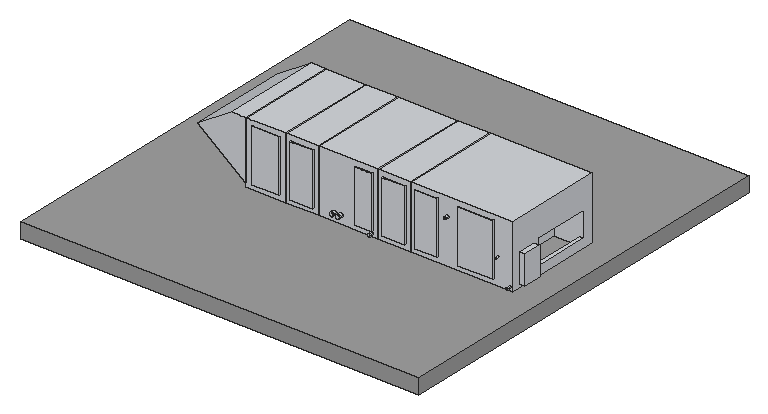
Revit family
Parameters (values of type "8 Row DX-R410")
  Wheel Size [instance] = ""
  Voltage = 480 V
  Unit Weight (lbs) = 4667  # constant formula
  URL = "http://www.appliedair.com"
  Total Static Pressure [instance] = 0.00 in-wg
  Total Heating Capacity [instance] = 0.0 Btu/h
  Total Cooling Capacity [instance] = 0.0 Btu/h
  Temperature Rise [instance] = 0 °F
  Supply Air Pressure Drop [instance] = 0.00 in-wg
  Supply Air Outlet Flow [instance] = 0 CFM
  Supply Air Inlet Flow [instance] = 0 CFM
  Series = "IFL"
  Return Coil Horizontal Offset = 1' - 1"  # constant formula
  Return Air Inlet Flow [instance] = 0 CFM
  Return Air Flow Height = 1' - 8"
  Refrigerant Type = "R410"
  Refrigerant Supply Pressure [instance] = 0.00 psi
  Refrigerant Supply Flow [instance] = 0 GPM
  Refrigerant Return Pressure [instance] = 0.00 psi
  Refrigerant Return Flow [instance] = 0 GPM
  Product URL = "http://www.appliedair.com/ifl.asp"
  Power Vertical Offset = 1' - 2 1/4"
  Power Horizontal Offset = 2' - 6"
  Power Connection Radius = 0' - 0 3/4"
  Phase = 3
  Output Heat [instance] = 0.0 Btu/h
  OmniClass = "23-75 10 24 21 27 17"
  Number of Rows = 8
  Number of Poles = 3
  Nominal Width = 6' - 8"  # constant formula
  Nominal Length = 21' - 0 5/8"  # constant formula
  Nominal Height = 4' - 2"  # constant formula
  Motor Horsepower (HP) [instance] = 0
  Motor Brake Horsepower (BHP) [instance] = 0
  Motor Amps [instance] = 0 A
  Model = "40"
  Minimum Input [instance] = 0.0 Btu/h
  Minimum Air Flow = 3000 CFM
  Maximum Input [instance] = 0.0 Btu/h
  Maximum Air Flow = 9500 CFM
  Manufacturer = "Applied Air"
  M = 3' - 10"  # constant formula
  L = 1' - 8 3/4"  # constant formula
  K = 2' - 1 11/16"  # constant formula
  J = 0' - 6 3/4"  # constant formula
  Heating Leaving Water Temperature [instance] = 0 °F
  Heating Leaving Air Temperature Wet Bulb [instance] = 0 °F
  Heating Leaving Air Temperature Dry Bulb [instance] = 0 °F
  Heating Entering Water Temperature [instance] = 0 °F
  Heating Entering Air Temperature Wet Bulb [instance] = 0 °F
  Heating Entering Air Temperature Dry Bulb [instance] = 0 °F
  Gas Vertical Offset = 1' - 9"  # constant formula
  Gas Horizontal Offset = 0' - 11 1/2"
  Gas Connection Radius = 0' - 0 3/8"  # constant formula
  Condensate Drain Vertical Offset = 0' - 2 3/4"
  Condensate Drain Radius = 0' - 0 3/4"  # constant formula
  Gas Pressure Drop [instance] = 0.00 psi
  Gas Input [instance] = 0.0 Btu/h
  Condensate Drain  Horizontal Offset = 0' - 1 27/32"
  Gas Flow [instance] = 0 GPM
  Condensate Drain Connection Radius = Condensate Drain Radius  # 0' - 0 3/4"
  Furnace Size [instance] = ""
  Frequency = 60 Hz
  Fan Speed (RPM) [instance] = 0
  Face Velocity (FPM) [instance] = 0
  Face Pressure Drop [instance] = 0' - 0"
  Drain Pressure Drop [instance] = 0.00 psi
  Drain Flow [instance] = 0 GPM
  Description = "Dedicated Outside Air Split System"
  Cooling Sensible Capacity [instance] = 0 Btu/h
  Cooling Leaving Air Temperature Wet Bulb [instance] = 0 °F
  Cooling Leaving Air Temperature Dry Bulb [instance] = 0 °F
  Cooling Entering Air Temperature Wet Bulb [instance] = 0 °F
  Cooling Entering Air Temperature Dry Bulb [instance] = 0 °F
  Cooling Coil Radius = 0' 3" / 2  # 0' - 1 1/2"
  H = 0' - 3 1/16"  # constant formula
  G = 3' - 2 5/8"  # constant formula
  Drain Vertical Offset = 0' - 2"
  Drain Radius = 0' - 1"
  Drain Horizontal Offset = 0' - 5"
  Default Elevation = 4' - 0"
  F = 2' - 2"  # constant formula
  E = 4' - 0"  # constant formula
  D = 5' - 8"  # constant formula
  Combustion Air Flow [instance] = 0 CFM
  Coils Depth = 0' - 3"
  Coil Outlet Vertical Offset = 3' - 7 113/256"  # constant formula
  Coil Face Area = if(Choose Coil Option = 1, 9.17 SF, if(Choose Coil Option = 2, 14.00 SF, if(Choose Coil Option = 3, 17.72 SF, 0.00 SF)))  # 14.00 SF
  Choose Coil Option = 2
  Coils Vertical Offsets = 0' - 6 143/256"
  Supply Coil Horizontal Offset = 1' - 6"  # constant formula
  Burner Amps [instance] = 0 A
  B = 6' - 10"  # constant formula
  Assembly Code = "D3030200"
  Apparent Power [instance] = (Motor Amps + Burner Amps) * Voltage * sqrt(3)  # 0 VA
  AHU Material = Galvanized Steel
  40.5x63 DX Coils = Choose Coil Option = 3  # no
  30x44 DX Coils = Choose Coil Option = 1  # no
  36x56 DX Coils = Choose Coil Option = 2  # yes
Reference planes (in)
  plane 1 "Center (Front/Back)": y = 0
  plane 2: z = -0.00391
  plane 3 "Center (Left/Right)": x = 0
  plane 4: y = 38
  plane 5: y = -42
  plane 6: x = -24
  plane 7: x = 24
  plane 8: x = 50
  plane 9: z = 49.99609
  plane 10: x = 132
  plane 11: x = -50
  plane 12: x = -82
  plane 13: x = -120.625
  plane 14: x = -11
  plane 15: x = -6
  plane 16: z = 6.55469
  plane 17: z = 6.55469
  plane 18: y = -45
  plane 19: x = 19
  plane 20: z = 1.99609
  plane 21: x = 80
  plane 22: z = 35.74609
  plane 23: z = 2.74609
  plane 24: x = 130.15625
  plane 25: z = 20.99609
  plane 26: x = 120.5
Forms (in)
  Extrusion 1, solid, material "Default"
    sketch origin (0, 0, 0) x (1, 0, 0) y (0, 1, 0)
      loop
        line (-164.84185, 166) -> (-164.84185, -165.6411) -> (155.35983, -165.6411) -> (155.35983, 166) -> (-164.84185, 166)
    from -0.00391 to -12
  Extrusion 2, solid
    sketch origin (0.62705, 0, 0) x (1, 0, 0) y (0, 0, 1)
      loop
        line (-24.62705, 0) -> (23.37295, 0) -> (23.37295, 49.99609) -> (-24.62705, 49.99609) -> (-24.62705, 0)
    from -38 to 42
  Extrusion 3, solid
    sketch origin (66.62705, 0, 0) x (1, 0, 0) y (0, 0, 1)
      loop
        line (-42.62705, 0) -> (-16.62705, 0) -> (-16.62705, 49.99609) -> (-42.62705, 49.99609) -> (-42.62705, 0)
    from -38 to 42
  Extrusion 4, solid
    sketch origin (120.62705, 0, 0) x (1, 0, 0) y (0, 0, 1)
      loop
        line (-70.62705, 0) -> (11.37295, 0) -> (11.37295, 49.99609) -> (-70.62705, 49.99609) -> (-70.62705, 0)
    from -38 to 42
  Extrusion 5, solid
    sketch origin (-17.37295, 0, 0) x (1, 0, 0) y (0, 0, 1)
      loop
        line (-32.62705, -0.00391) -> (-6.62705, -0.00391) -> (-6.62705, 49.99609) -> (-32.62705, 49.99609) -> (-32.62705, -0.00391)
    from -38 to 42
  Extrusion 6, solid
    sketch origin (-41.37295, 0, 0) x (1, 0, 0) y (0, 0, 1)
      loop
        line (-40.62705, -0.00391) -> (-8.62705, -0.00391) -> (-8.62705, 49.99609) -> (-40.62705, 49.99609) -> (-40.62705, -0.00391)
    from -38 to 42
  Extrusion 7, solid
    sketch origin (-15.3125, 0, 0) x (1, 0, 0) y (0, 0, 1)
      loop
        line (-105.3125, 32.99609) -> (-66.6875, 2.74609) -> (-66.6875, 49.99609) -> (-78.33244, 49.99609) -> (-105.3125, 32.99609)
    from -38 to 42
  Extrusion 8, void
    sketch origin (0, 0, 0) x (1, 0, 0) y (0, 1, 0)
      loop
        line (-75, 32) -> (-75, -36) -> (-55, -36) -> (-55, 32) -> (-75, 32)
    from 0 to 31.59567
  Extrusion 9, void
    sketch origin (0, 0, 0) x (0, 1, 0) y (0, 0, 1)
      loop
        line (-36, 9) -> (32, 9) -> (32, 29) -> (-36, 29) -> (-36, 9)
    from -55 to -85.321
  Extrusion 10, void
    sketch origin (0, 0, 0) x (1, 0, 0) y (0, 1, 0)
      loop
        line (128.9375, -16.3125) -> (128.9375, 29.6875) -> (108.1875, 29.6875) -> (108.1875, -16.3125) -> (128.9375, -16.3125)
    from 0 to 21.23232
  Extrusion 11, void
    sketch origin (0, 0, 0) x (1, 0, 0) y (0, 0, 1)
      loop
        line (132, 6.74609) -> (132, 27.49609) -> (108.1875, 27.49609) -> (108.1875, 6.74609) -> (132, 6.74609)
    from -29.6875 to 16.3125
  Extrusion 12, solid
    sketch origin (0, 0, 0) x (1, 0, 0) y (0, 1, 0)
      loop
        line (132, -21) -> (132, -36) -> (137, -36) -> (137, -21) -> (132, -21)
    from 3.06225 to 25.87762
  Extrusion 13, solid
    sketch origin (0, 0, 0) x (1, 0, 0) y (0, 0, 1)
      loop
        circle (-6, 6.55469) r 1.5
      loop
        circle (-11, 6.55469) r 1.5
      loop
        circle (19, 1.99609) r 1
      loop
        circle (80, 35.74609) r 0.75
      loop
        circle (130.15625, 2.74609) r 0.75
      loop
        circle (120.5, 20.99609) r 0.375
    from 42 to 45
  Extrusion 14, solid
    sketch origin (0, -38, 0) x (1, 0, 0) y (0, 0, 1)
      loop
        line (-55, 45.99609) -> (-77, 45.99609) -> (-77, 3.99609) -> (-55, 3.99609) -> (-55, 45.99609)
      loop
        line (-28, 45.99609) -> (-46, 45.99609) -> (-46, 3.99609) -> (-28, 3.99609) -> (-28, 45.99609)
      loop
        line (20, 45.99609) -> (6, 45.99609) -> (6, 3.99609) -> (20, 3.99609) -> (20, 45.99609)
      loop
        line (46, 45.99609) -> (28, 45.99609) -> (28, 3.99609) -> (46, 3.99609) -> (46, 45.99609)
      loop
        line (72, 45.99609) -> (54, 45.99609) -> (54, 3.99609) -> (72, 3.99609) -> (72, 45.99609)
      loop
        line (117, 45.99609) -> (89, 45.99609) -> (89, 3.99609) -> (117, 3.99609) -> (117, 45.99609)
    from 4 to 5
  Extrusion 15, void
    sketch origin (-0.04982, 0, -2.04982) x (1, 0, 0) y (0, 0, 1)
      loop
        line (124.55215, 46.70523) -> (124.55215, 46.20523) -> (126.80215, 46.20523) -> (126.80215, 46.70523) -> (124.55215, 46.70523)
      loop
        line (127.55215, 46.70523) -> (127.55215, 46.20523) -> (129.80215, 46.20523) -> (129.80215, 46.70523) -> (127.55215, 46.70523)
      loop
        line (124.55215, 47.45523) -> (124.55215, 46.95523) -> (126.80215, 46.95523) -> (126.80215, 47.45523) -> (124.55215, 47.45523)
      loop
        line (127.55215, 47.45523) -> (127.55215, 46.95523) -> (129.80215, 46.95523) -> (129.80215, 47.45523) -> (127.55215, 47.45523)
      loop
        line (124.55215, 45.95523) -> (124.55215, 45.45523) -> (126.80215, 45.45523) -> (126.80215, 45.95523) -> (124.55215, 45.95523)
      loop
        line (127.55215, 45.95523) -> (127.55215, 45.45523) -> (129.80215, 45.45523) -> (129.80215, 45.95523) -> (127.55215, 45.95523)
      loop
        line (124.55215, 45.20523) -> (124.55215, 44.70523) -> (126.80215, 44.70523) -> (126.80215, 45.20523) -> (124.55215, 45.20523)
      loop
        line (127.55215, 45.20523) -> (127.55215, 44.70523) -> (129.80215, 44.70523) -> (129.80215, 45.20523) -> (127.55215, 45.20523)
      loop
        line (124.55215, 44.45523) -> (124.55215, 43.95523) -> (126.80215, 43.95523) -> (126.80215, 44.45523) -> (124.55215, 44.45523)
      loop
        line (127.55215, 44.45523) -> (127.55215, 43.95523) -> (129.80215, 43.95523) -> (129.80215, 44.45523) -> (127.55215, 44.45523)
      loop
        line (124.55215, 43.70523) -> (124.55215, 43.20523) -> (126.80215, 43.20523) -> (126.80215, 43.70523) -> (124.55215, 43.70523)
      loop
        line (127.55215, 43.70523) -> (127.55215, 43.20523) -> (129.80215, 43.20523) -> (129.80215, 43.70523) -> (127.55215, 43.70523)
      loop
        line (124.55215, 15.78696) -> (126.80215, 15.78696) -> (126.80215, 16.28696) -> (124.55215, 16.28696) -> (124.55215, 15.78696)
      loop
        line (127.55215, 15.78696) -> (129.80215, 15.78696) -> (129.80215, 16.28696) -> (127.55215, 16.28696) -> (127.55215, 15.78696)
      loop
        line (124.55215, 15.03696) -> (126.80215, 15.03696) -> (126.80215, 15.53696) -> (124.55215, 15.53696) -> (124.55215, 15.03696)
      loop
        line (127.55215, 15.03696) -> (129.80215, 15.03696) -> (129.80215, 15.53696) -> (127.55215, 15.53696) -> (127.55215, 15.03696)
      loop
        line (124.55215, 16.53696) -> (126.80215, 16.53696) -> (126.80215, 17.03696) -> (124.55215, 17.03696) -> (124.55215, 16.53696)
      loop
        line (127.55215, 16.53696) -> (129.80215, 16.53696) -> (129.80215, 17.03696) -> (127.55215, 17.03696) -> (127.55215, 16.53696)
      loop
        line (124.55215, 17.28696) -> (126.80215, 17.28696) -> (126.80215, 17.78696) -> (124.55215, 17.78696) -> (124.55215, 17.28696)
      loop
        line (127.55215, 17.28696) -> (129.80215, 17.28696) -> (129.80215, 17.78696) -> (127.55215, 17.78696) -> (127.55215, 17.28696)
      loop
        line (124.55215, 18.03696) -> (126.80215, 18.03696) -> (126.80215, 18.53696) -> (124.55215, 18.53696) -> (124.55215, 18.03696)
      loop
        line (127.55215, 18.03696) -> (129.80215, 18.03696) -> (129.80215, 18.53696) -> (127.55215, 18.53696) -> (127.55215, 18.03696)
      loop
        line (124.55215, 18.78696) -> (126.80215, 18.78696) -> (126.80215, 19.28696) -> (124.55215, 19.28696) -> (124.55215, 18.78696)
      loop
        line (127.55215, 18.78696) -> (129.80215, 18.78696) -> (129.80215, 19.28696) -> (127.55215, 19.28696) -> (127.55215, 18.78696)
    from 32 to 38
  Extrusion 16, void
    sketch origin (0, 0, 0) x (1, 0, 0) y (0, 0, 1)
      loop
        line (-85.321, 29) -> (-100.57302, 29) -> (-109.17858, 24.03158) -> (-93.49174, 11.74609) -> (-85.321, 11.74609) -> (-85.321, 29)
    from -32 to 36
Cuts and joins
  Extrusion 8, Extrusion 9 cuts Extrusion 6
  Extrusion 9 cuts Extrusion 2
  Extrusion 9 cuts Extrusion 3
  Extrusion 9, Extrusion 16 cuts Extrusion 7
  Extrusion 10, Extrusion 11, Extrusion 15 cuts Extrusion 4
Dimensions and locks (in)
  "Nominal Width": plane 5 to plane 4
  "E": plane 6 to plane 7
  equal spacing: plane 6, plane 3 "Center (Left/Right)", plane 7
  "Nominal Height": plane 9 to plane 2
  "F": plane 7 to plane 8
  "F": plane 11 to plane 6
  locked: plane 12 to plane 11 at 32
  "B": plane 8 to plane 10
  "G": plane 13 to plane 12
  "D": Extrusion 8 sketch curve to Extrusion 8 sketch curve
  locked: Extrusion 8 sketch curve to Extrusion 8 sketch curve at 20
  locked: Extrusion 9 sketch curve to Extrusion 9 sketch curve at 20
  "D": Extrusion 9 sketch curve to Extrusion 9 sketch curve
  locked: level to Extrusion 9 sketch curve at 9
  "K": plane 5 to Extrusion 10 sketch curve
  "M": Extrusion 10 sketch curve to Extrusion 10 sketch curve
  "H": Extrusion 10 sketch curve to plane 10
  "L": Extrusion 10 sketch curve to Extrusion 10 sketch curve
  "J": Extrusion 11 sketch curve to plane 2
  "L": Extrusion 11 sketch curve to Extrusion 11 sketch curve
  "K": cut or joined group of Extrusion 4, Extrusion 10, Extrusion 11, Extrusion 15 to plane 5
  "M": cut or joined group of Extrusion 4, Extrusion 10, Extrusion 11, Extrusion 15 to cut or joined group of Extrusion 4, Extrusion 10, Extrusion 11, Extrusion 15
  plane 9 to Extrusion 12 = 2' - 0.11847"
  locked: Extrusion 12 to Extrusion 12 at 22.81538
  locked: Extrusion 12 to plane 2 at 3.06615
  locked: Extrusion 12 to Extrusion 12 at 5
  "Coils Depth": plane 18 to plane 5
  "Coils Vertical Offsets": plane 16 to plane 2
  "Coil Outlet Vertical Offset": plane 9 to plane 17
  "Return Coil Horizontal Offset": plane 6 to plane 14
  "Supply Coil Horizontal Offset": plane 6 to plane 15
  "Drain Vertical Offset": plane 20 to plane 2
  "Drain Horizontal Offset": plane 19 to plane 7
  locked: plane 12 to Extrusion 14 sketch curve at 5
  locked: Extrusion 14 sketch curve to plane 11 at 5
  locked: plane 9 to Extrusion 14 sketch curve at 4  (x6)
  locked: Extrusion 14 sketch curve to plane 2 at 4  (x6)
  locked: plane 11 to Extrusion 14 sketch curve at 4
  locked: Extrusion 14 sketch curve to plane 6 at 4
  locked: plane 6 to Extrusion 14 sketch curve at 30
  locked: Extrusion 14 sketch curve to plane 7 at 4
  locked: plane 7 to Extrusion 14 sketch curve at 4
  locked: Extrusion 14 sketch curve to plane 8 at 4
  locked: plane 8 to Extrusion 14 sketch curve at 4
  locked: Extrusion 14 sketch curve to Extrusion 14 sketch curve at 17
  locked: Extrusion 14 sketch curve to plane 10 at 15
  "Power Vertical Offset": plane 9 to plane 22
  "Power Horizontal Offset": plane 8 to plane 21
  locked: Extrusion 14 to plane 5 at 1
  "Condensate Drain Vertical Offset": plane 23 to plane 2
  plane 13 to plane 10 = 21' - 0 5/8"
  "Condensate Drain  Horizontal Offset": plane 24 to plane 10
  locked: Extrusion 7 sketch curve to plane 13 at 0
  locked: Extrusion 7 sketch curve to plane 9 at 0
  locked: Extrusion 7 sketch curve to plane 12 at 0
  locked: Extrusion 7 sketch curve to plane 23 at 0
  locked: plane 12 to Extrusion 7 sketch curve at 11.64494
  "Gas Vertical Offset": plane 25 to plane 2
  "Gas Horizontal Offset": plane 26 to plane 10
  locked: Extrusion 13 sketch curve to plane 14 at 0
  locked: Extrusion 13 sketch curve to plane 15 at 0
  locked: Extrusion 13 sketch curve to plane 19 at 0
  locked: Extrusion 13 sketch curve to plane 21 at 0
  locked: Extrusion 13 sketch curve to plane 25 at 0
  locked: Extrusion 13 sketch curve to plane 26 at 0
  locked: Extrusion 13 sketch curve to plane 23 at 0
  locked: Extrusion 13 sketch curve to plane 24 at 0
  locked: Extrusion 13 sketch curve to plane 20 at 0
  locked: Extrusion 13 sketch curve to plane 16 at 0
  locked: Extrusion 13 sketch curve to plane 22 at 0
  locked: Extrusion 13 sketch curve to plane 17 at 0
  "Cooling Coil Radius": radius of Extrusion 13 sketch curve  (x2)
  "Drain Radius": radius of Extrusion 13 sketch curve
  "Power Connection Radius": radius of Extrusion 13 sketch curve
  "Condensate Drain Connection Radius": radius of Extrusion 13 sketch curve
  "Gas Connection Radius": radius of Extrusion 13 sketch curve
  aligned and locked: plane 2 to Extrusion 1
  aligned and locked: Extrusion 2 to plane 4
  aligned and locked: plane 5 to Extrusion 2
  aligned and locked: plane 6 to Extrusion 2
  aligned and locked: plane 7 to Extrusion 2
  aligned and locked: plane 7 to Extrusion 3
  aligned and locked: Extrusion 3 to plane 8
  aligned and locked: plane 9 to Extrusion 2
  aligned and locked: Extrusion 3 to Extrusion 2
  aligned and locked: plane 5 to Extrusion 3
  aligned and locked: Extrusion 3 to plane 4
  aligned and locked: Extrusion 4 to plane 9
  aligned and locked: plane 8 to Extrusion 4
  aligned and locked: Extrusion 4 to plane 10
  aligned and locked: plane 5 to Extrusion 4
  aligned and locked: Extrusion 4 to plane 4
  aligned and locked: Extrusion 5 to plane 6
  aligned and locked: plane 11 to Extrusion 5
  aligned and locked: Extrusion 5 to plane 9
  aligned and locked: Extrusion 5 to plane 2
  aligned and locked: Extrusion 5 to plane 4
  aligned and locked: plane 5 to Extrusion 5
  aligned and locked: plane 5 to Extrusion 6
  aligned and locked: Extrusion 6 to plane 4
  aligned and locked: plane 12 to Extrusion 6
  aligned and locked: Extrusion 6 to plane 11
  aligned and locked: Extrusion 6 to plane 9
  aligned and locked: Extrusion 6 to plane 2
  aligned and locked: Extrusion 7 to plane 9
  aligned and locked: plane 13 to Extrusion 7
  aligned and locked: Extrusion 7 to plane 12
  aligned and locked: Extrusion 7 to plane 4
  aligned and locked: plane 5 to Extrusion 7
  aligned and locked: cut or joined group of Extrusion 6, Extrusion 8, Extrusion 9 to Extrusion 9 sketch curve
  aligned and locked: cut or joined group of Extrusion 6, Extrusion 8, Extrusion 9 to Extrusion 9
  aligned and locked: Extrusion 10 to level
  aligned and locked: cut or joined group of Extrusion 4, Extrusion 10, Extrusion 11, Extrusion 15 to Extrusion 11 sketch curve
  aligned and locked: plane 10 to Extrusion 11 sketch curve
  aligned and locked: plane 10 to Extrusion 12
  aligned and locked: plane 5 to Extrusion 13
  aligned and locked: plane 18 to Extrusion 13
  aligned and locked: Extrusion 14 to plane 5
  aligned and locked: cut or joined group of Extrusion 4, Extrusion 10, Extrusion 11, Extrusion 15 to plane 5
  aligned and locked: cut or joined group of Extrusion 6, Extrusion 8, Extrusion 9 to cut or joined group of Extrusion 7, Extrusion 9, Extrusion 16
  aligned and locked: cut or joined group of Extrusion 7, Extrusion 9, Extrusion 16 to cut or joined group of Extrusion 6, Extrusion 8, Extrusion 9
Automatic sketch dimensions
  Extrusion 1 sketch curve to Extrusion 1 sketch curve = 26' - 8.20168"
  Extrusion 1 sketch curve to Extrusion 1 sketch curve = 27' - 7.6411"
  Extrusion 2 sketch curve to level = 0' - 0"
  Extrusion 2 sketch curve to plane 6 = 0' - 0"
  Extrusion 2 sketch curve to plane 7 = 0' - 0"
  Extrusion 2 sketch curve to plane 9 = 0' - 0"
  Extrusion 3 sketch curve to level = 0' - 0"
  Extrusion 3 sketch curve to plane 7 = 0' - 0"
  Extrusion 3 sketch curve to plane 8 = 0' - 0"
  Extrusion 3 sketch curve to plane 9 = 0' - 0"
  Extrusion 4 sketch curve to level = 0' - 0"
  Extrusion 4 sketch curve to plane 8 = 0' - 0"
  Extrusion 4 sketch curve to plane 9 = 0' - 0"
  Extrusion 4 sketch curve to plane 10 = 0' - 0"
  Extrusion 5 sketch curve to plane 2 = 0' - 0"
  Extrusion 5 sketch curve to plane 11 = 0' - 0"
  Extrusion 5 sketch curve to plane 6 = 0' - 0"
  Extrusion 5 sketch curve to plane 9 = 0' - 0"
  Extrusion 6 sketch curve to plane 2 = 0' - 0"
  Extrusion 6 sketch curve to plane 12 = 0' - 0"
  Extrusion 6 sketch curve to plane 9 = 0' - 0"
  Extrusion 6 sketch curve to plane 11 = 0' - 0"
  Extrusion 12 sketch curve to plane 10 = 0' - 0"
  Extrusion 12 sketch curve to plane 10 = 0' - 5"
  Extrusion 12 sketch curve to plane 5 = 0' - 6"
  Extrusion 12 sketch curve to Extrusion 12 sketch curve = 1' - 3"
  Extrusion 14 sketch curve to Extrusion 14 sketch curve = 1' - 6"
  Extrusion 15 sketch curve to Extrusion 15 sketch curve = 0' - 0"  (x40)
  Extrusion 15 sketch curve to Extrusion 15 sketch curve = 0' - 0 3/4"  (x4)
  Extrusion 15 sketch curve to Extrusion 15 sketch curve = 0' - 0 1/2"  (x23)
  Extrusion 15 sketch curve to Extrusion 15 sketch curve = 0' - 0 1/4"  (x20)
  Extrusion 8 sketch curve to plane 12 = 0' - 7"
  Extrusion 8 sketch curve to plane 5 = 0' - 6"
  Extrusion 16 sketch curve to plane 13 = 0' - 11.44642"
  plane 22 to Extrusion 16 sketch curve = 0' - 6 191/256"
  Extrusion 16 sketch curve to Extrusion 16 sketch curve = 0' - 8.60555"
  Extrusion 16 sketch curve to plane 16 = 0' - 5 49/256"
  plane 12 to Extrusion 16 sketch curve = 0' - 11.49174"
  plane 12 to Extrusion 16 sketch curve = 0' - 3.321"
  Extrusion 16 sketch curve to Extrusion 16 sketch curve = 0' - 4.96842"
  plane 22 to Extrusion 7 sketch curve = 0' - 2 3/4"
  plane 10 to Extrusion 15 sketch curve = 0' - 7.49767"
  Extrusion 15 sketch curve to Extrusion 15 sketch curve = 0' - 2 1/4"  (x6)
  Extrusion 15 sketch curve to Extrusion 15 sketch curve = 1' - 11.91827"
  plane 9 to Extrusion 15 sketch curve = 3' - 1.00896"
Connectors (in)
  hvac at (-101.3125, -2, 17.87109), driven by "D", driven by "Return Air Flow Height", driven by "Supply Air Inlet Flow"
    settings: on cut or joined group of Extrusion 7, Extrusion 9, Extrusion 16, index 1
  hvac at (-65, -2, -0.00391), driven by "D", driven by "Return Air Flow Height", driven by "Return Air Inlet Flow"
    settings: on cut or joined group of Extrusion 6, Extrusion 8, Extrusion 9, index 2
  hvac at (118.5625, 6.6875, 0), driven by "M", driven by "L", driven by "Supply Air Outlet Flow"
    settings: on cut or joined group of Extrusion 4, Extrusion 10, Extrusion 11, Extrusion 15, index 3
  hvac at (132, 6.6875, 17.12109), driven by "M", driven by "L", driven by "Supply Air Outlet Flow"
    settings: on cut or joined group of Extrusion 4, Extrusion 10, Extrusion 11, Extrusion 15, index 4
  piping at (-11, -45, 6.55469), driven by "Cooling Coil Radius", driven by "Refrigerant Return Flow", driven by "Refrigerant Return Pressure"
    settings: on Extrusion 13, index 5
  piping at (-6, -45, 6.55469), driven by "Cooling Coil Radius", driven by "Refrigerant Supply Flow", driven by "Refrigerant Supply Pressure"
    settings: on Extrusion 13, index 6
  piping at (19, -45, 1.99609), driven by "Drain Radius", driven by "Drain Flow"
    settings: on Extrusion 13, index 7
  electrical at (80, -45, 35.74609), driven by "Number of Poles", driven by "Apparent Power", driven by "Voltage"
    settings: on Extrusion 13, index 8
  piping at (130.15625, -45, 2.74609), driven by "Condensate Drain Radius", driven by "Drain Flow", driven by "Gas Pressure Drop"
    settings: on Extrusion 13, index 9
  piping at (120.5, -45, 20.99609), driven by "Gas Connection Radius", driven by "Gas Flow", driven by "Gas Pressure Drop"
    settings: on Extrusion 13, index 10
